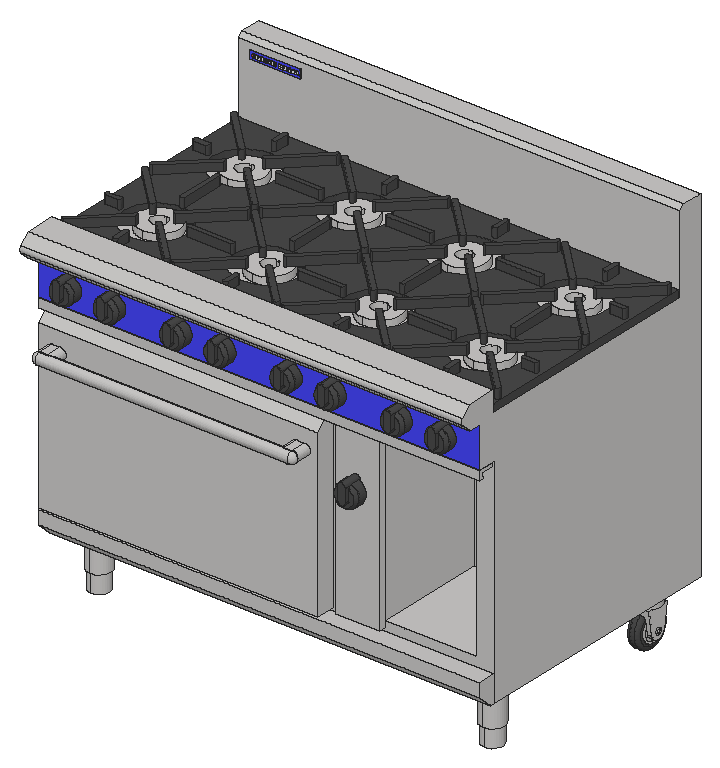
Revit family "QF_MOFFAT_BLUESEAL_CE_G58D", category Specialty Equipment, Revit 2012 (continued)
Lines and regions (mm)
  Split face 1
    outline origin (1200, 0, 1085) x (-1, 0, 0) y (0, -1, 0)
      loop
        arc (935.206, 45.185) -> (926.545, 40.185) -> (926.545, 30.185) r 10
        line (926.545, 30.185) -> (930.587, 23.185)
        arc (930.587, 23.185) -> (934.247, 19.525) -> (939.247, 18.185) r 10
        line (939.247, 18.185) -> (1167.206, 18.185)
        arc (1167.206, 18.185) -> (1175.866, 23.185) -> (1175.866, 33.185) r 10
        line (1175.866, 33.185) -> (1171.824, 40.185)
        arc (1171.824, 40.185) -> (1168.164, 43.845) -> (1163.164, 45.185) r 10
        line (1163.164, 45.185) -> (935.206, 45.185)
  Split face 2
    outline origin (1200, 0, 1085) x (-1, 0, 0) y (0, -1, 0)
      loop
        arc (635.206, 45.185) -> (626.545, 40.185) -> (626.545, 30.185) r 10
        line (626.545, 30.185) -> (630.587, 23.185)
        arc (630.587, 23.185) -> (634.247, 19.525) -> (639.247, 18.185) r 10
        line (639.247, 18.185) -> (867.206, 18.185)
        arc (867.206, 18.185) -> (875.866, 23.185) -> (875.866, 33.185) r 10
        line (875.866, 33.185) -> (871.824, 40.185)
        arc (871.824, 40.185) -> (868.164, 43.845) -> (863.164, 45.185) r 10
        line (863.164, 45.185) -> (635.206, 45.185)
  Split face 3
    outline origin (1200, 0, 1085) x (-1, 0, 0) y (0, -1, 0)
      loop
        arc (335.206, 45.185) -> (326.545, 40.185) -> (326.545, 30.185) r 10
        line (326.545, 30.185) -> (330.587, 23.185)
        arc (330.587, 23.185) -> (334.247, 19.525) -> (339.247, 18.185) r 10
        line (339.247, 18.185) -> (567.206, 18.185)
        arc (567.206, 18.185) -> (575.866, 23.185) -> (575.866, 33.185) r 10
        line (575.866, 33.185) -> (571.824, 40.185)
        arc (571.824, 40.185) -> (568.164, 43.845) -> (563.164, 45.185) r 10
        line (563.164, 45.185) -> (335.206, 45.185)
  Split face 4
    outline origin (1200, 0, 1085) x (-1, 0, 0) y (0, -1, 0)
      loop
        arc (35.206, 45.185) -> (26.545, 40.185) -> (26.545, 30.185) r 10
        line (26.545, 30.185) -> (30.587, 23.185)
        arc (30.587, 23.185) -> (34.247, 19.525) -> (39.247, 18.185) r 10
        line (39.247, 18.185) -> (267.206, 18.185)
        arc (267.206, 18.185) -> (275.866, 23.185) -> (275.866, 33.185) r 10
        line (275.866, 33.185) -> (271.824, 40.185)
        arc (271.824, 40.185) -> (268.164, 43.845) -> (263.164, 45.185) r 10
        line (263.164, 45.185) -> (35.206, 45.185)
  symbolic lines
    curve 1: line (0, 0, 0) -> (0, -812, 0)
    curve 2: line (1200, 0, 0) -> (0, 0, 0)
    curve 3: line (1200, -812, 0) -> (1200, 0, 0)
    curve 4: line (0, -70, 0) -> (1200, -70, 0)
    curve 5: line (1200, -812, 0) -> (0, -812, 0)
    curve 6: line (1200, -708.3, 0) -> (0, -708.3, 0)
    curve 7: line (0, -705, 0) -> (1200, -705, 0)
    curve 8: line (1200, -72.734, 0) -> (0, -72.734, 0)
    curve 9: arc (22.65, -812, 0) -> (34.104, -822.278, 0) -> (48.889, -826.544, 0) r 34.455
    curve 10: line (48.889, -826.544, 0) -> (718.108, -826.544, 0)
    curve 11: arc (718.108, -826.544, 0) -> (732.653, -822.647, 0) -> (743.3, -812, 0) r 29.089
    curve 12: line (6.08, -94.387, 0) -> (121.515, -209.822, 0)
    curve 13: line (293.92, -94.387, 0) -> (178.485, -209.822, 0)
    curve 14: line (6.83, -379.864, 0) -> (121.515, -265.178, 0)
    curve 15: line (292.516, -379.21, 0) -> (178.485, -265.178, 0)
    curve 16: line (362.78, -237.81, 0) -> (237.78, -237.81, 0)
    curve 17: line (362.78, -537.81, 0) -> (237.78, -537.81, 0)
    curve 18: line (6.08, -398.155, 0) -> (121.515, -510.089, 0)
    curve 19: line (293.92, -398.155, 0) -> (178.485, -510.089, 0)
    curve 20: line (9.883, -677.078, 0) -> (121.515, -565.446, 0)
    curve 21: line (291.622, -678.583, 0) -> (178.485, -565.446, 0)
    curve 22: arc (150, -294.5, 0) -> (207, -237.5, 0) -> (150, -180.5, 0) r 57
    curve 23: arc (150, -180.5, 0) -> (93, -237.5, 0) -> (150, -294.5, 0) r 57
    curve 24: arc (150, -594.5, 0) -> (207, -537.5, 0) -> (150, -480.5, 0) r 57
    curve 25: arc (150, -480.5, 0) -> (93, -537.5, 0) -> (150, -594.5, 0) r 57
    curve 26: line (306.08, -94.387, 0) -> (421.515, -209.822, 0)
    curve 27: line (593.92, -94.387, 0) -> (478.485, -209.822, 0)
    curve 28: line (307.269, -379.424, 0) -> (421.515, -265.178, 0)
    curve 29: line (592.673, -379.366, 0) -> (478.485, -265.178, 0)
    curve 30: line (662.78, -237.81, 0) -> (537.78, -237.81, 0)
    curve 31: arc (450, -294.5, 0) -> (507, -237.5, 0) -> (450, -180.5, 0) r 57
    curve 32: arc (450, -180.5, 0) -> (393, -237.5, 0) -> (450, -294.5, 0) r 57
    curve 33: arc (750, -294.5, 0) -> (807, -237.5, 0) -> (750, -180.5, 0) r 57
    curve 34: arc (750, -180.5, 0) -> (693, -237.5, 0) -> (750, -294.5, 0) r 57
    curve 35: arc (1050, -294.5, 0) -> (1107, -237.5, 0) -> (1050, -180.5, 0) r 57
    curve 36: arc (1050, -180.5, 0) -> (993, -237.5, 0) -> (1050, -294.5, 0) r 57
    curve 37: line (606.08, -94.387, 0) -> (721.515, -209.822, 0)
    curve 38: line (893.92, -94.387, 0) -> (778.485, -209.822, 0)
    curve 39: line (607.348, -379.345, 0) -> (721.515, -265.178, 0)
    curve 40: line (893.92, -380.613, 0) -> (778.485, -265.178, 0)
    curve 41: line (962.78, -237.81, 0) -> (837.78, -237.81, 0)
    curve 42: line (906.08, -94.387, 0) -> (1021.515, -209.822, 0)
    curve 43: line (1193.92, -94.387, 0) -> (1078.485, -209.822, 0)
    curve 44: line (906.08, -380.613, 0) -> (1021.515, -265.178, 0)
    curve 45: line (1193.125, -379.818, 0) -> (1078.485, -265.178, 0)
    curve 46: line (906.08, -397.887, 0) -> (1021.392, -513.199, 0)
    curve 47: line (1193.92, -397.887, 0) -> (1079.019, -512.788, 0)
    curve 48: line (906.697, -679.996, 0) -> (1021.515, -565.178, 0)
    curve 49: line (1191.622, -678.316, 0) -> (1078.485, -565.178, 0)
    curve 50: line (306.08, -398.155, 0) -> (421.515, -510.089, 0)
    curve 51: line (593.92, -398.155, 0) -> (478.485, -510.089, 0)
    curve 52: line (308.378, -678.583, 0) -> (421.515, -565.446, 0)
    curve 53: line (593.555, -680.516, 0) -> (478.485, -565.446, 0)
    curve 54: line (606.08, -398.155, 0) -> (721.515, -510.089, 0)
    curve 55: line (893.92, -398.155, 0) -> (778.485, -510.089, 0)
    curve 56: line (607.19, -679.771, 0) -> (721.515, -565.446, 0)
    curve 57: line (893.088, -680.05, 0) -> (778.485, -565.446, 0)
    curve 58: line (149.618, -450.258, 0) -> (149.618, -325.258, 0)
    curve 59: line (449.618, -450.258, 0) -> (449.618, -325.258, 0)
    curve 60: line (749.618, -450.258, 0) -> (749.618, -325.258, 0)
    curve 61: line (1049.618, -450.258, 0) -> (1049.618, -325.258, 0)
    curve 62: line (662.78, -537.81, 0) -> (537.78, -537.81, 0)
    curve 63: line (962.78, -537.81, 0) -> (837.78, -537.81, 0)
    curve 64: line (149.197, -139.807, 0) -> (149.197, -94.807, 0)
    curve 65: line (149.197, -674.807, 0) -> (149.197, -634.807, 0)
    curve 66: line (449.197, -139.807, 0) -> (449.197, -94.807, 0)
    curve 67: line (449.197, -674.807, 0) -> (449.197, -634.807, 0)
    curve 68: line (749.197, -139.807, 0) -> (749.197, -94.807, 0)
    curve 69: line (749.197, -674.807, 0) -> (749.197, -634.807, 0)
    curve 70: line (1049.197, -139.807, 0) -> (1049.197, -94.807, 0)
    curve 71: line (1049.197, -674.807, 0) -> (1049.197, -634.807, 0)
    curve 72: line (49.678, -236.51, 0) -> (14.678, -236.51, 0)
    curve 73: line (49.678, -536.51, 0) -> (14.678, -536.51, 0)
    curve 74: arc (450, -594.5, 0) -> (507, -537.5, 0) -> (450, -480.5, 0) r 57
    curve 75: arc (450, -480.5, 0) -> (393, -537.5, 0) -> (450, -594.5, 0) r 57
    curve 76: arc (750, -480.5, 0) -> (693, -537.5, 0) -> (750, -594.5, 0) r 57
    curve 77: arc (750, -594.5, 0) -> (807, -537.5, 0) -> (750, -480.5, 0) r 57
    curve 78: arc (1050, -480.5, 0) -> (993, -537.5, 0) -> (1050, -594.5, 0) r 57
    curve 79: arc (1050, -594.5, 0) -> (1107, -537.5, 0) -> (1050, -480.5, 0) r 57
    curve 80: line (1150.322, -236.51, 0) -> (1185.322, -236.51, 0)
    curve 81: line (1150.322, -536.51, 0) -> (1185.322, -536.51, 0)
    curve 85: arc (150, -322.5, 0) -> (65, -237.5, 0) -> (150, -152.5, 0) r 85
    curve 86: arc (150, -152.5, 0) -> (235, -237.5, 0) -> (150, -322.5, 0) r 85
    curve 87: arc (450, -322.5, 0) -> (365, -237.5, 0) -> (450, -152.5, 0) r 85
    curve 88: arc (450, -152.5, 0) -> (535, -237.5, 0) -> (450, -322.5, 0) r 85
    curve 89: arc (150, -452.768, 0) -> (235, -537.768, 0) -> (150, -622.768, 0) r 85
    curve 90: arc (150, -622.768, 0) -> (65, -537.768, 0) -> (150, -452.768, 0) r 85
    curve 91: arc (450, -622.768, 0) -> (365, -537.768, 0) -> (450, -452.768, 0) r 85
    curve 92: arc (450, -452.768, 0) -> (535, -537.768, 0) -> (450, -622.768, 0) r 85
    curve 93: arc (750, -322.5, 0) -> (665, -237.5, 0) -> (750, -152.5, 0) r 85
    curve 94: arc (750, -152.5, 0) -> (835, -237.5, 0) -> (750, -322.5, 0) r 85
    curve 95: arc (1050, -322.5, 0) -> (965, -237.5, 0) -> (1050, -152.5, 0) r 85
    curve 96: arc (1050, -152.5, 0) -> (1135, -237.5, 0) -> (1050, -322.5, 0) r 85
    curve 97: arc (750, -452.768, 0) -> (835, -537.768, 0) -> (750, -622.768, 0) r 85
    curve 98: arc (750, -622.768, 0) -> (665, -537.768, 0) -> (750, -452.768, 0) r 85
    curve 99: arc (1050, -622.768, 0) -> (965, -537.768, 0) -> (1050, -452.768, 0) r 85
    curve 100: arc (1050, -452.768, 0) -> (1135, -537.768, 0) -> (1050, -622.768, 0) r 85
    curve 101: line (300.232, -72.734, 0) -> (300.232, -705, 0)
    curve 102: line (0, -390.308, 0) -> (1200, -390.308, 0)
    curve 103: line (600, -72.734, 0) -> (600, -705, 0)
    curve 104: line (900, -72.734, 0) -> (900, -705, 0)
    curve 105: arc (150, -215.5, 0) -> (172, -237.5, 0) -> (150, -259.5, 0) r 22
    curve 106: arc (150, -259.5, 0) -> (128, -237.5, 0) -> (150, -215.5, 0) r 22
    curve 107: arc (450, -215.5, 0) -> (472, -237.5, 0) -> (450, -259.5, 0) r 22
    curve 108: arc (450, -259.5, 0) -> (428, -237.5, 0) -> (450, -215.5, 0) r 22
    curve 109: arc (750, -215.5, 0) -> (772, -237.5, 0) -> (750, -259.5, 0) r 22
    curve 110: arc (750, -259.5, 0) -> (728, -237.5, 0) -> (750, -215.5, 0) r 22
    curve 111: arc (1050, -259.5, 0) -> (1028, -237.5, 0) -> (1050, -215.5, 0) r 22
    curve 112: arc (1050, -215.5, 0) -> (1072, -237.5, 0) -> (1050, -259.5, 0) r 22
    curve 113: arc (150, -515.5, 0) -> (172, -537.5, 0) -> (150, -559.5, 0) r 22
    curve 114: arc (150, -559.5, 0) -> (128, -537.5, 0) -> (150, -515.5, 0) r 22
    curve 115: arc (450, -515.5, 0) -> (472, -537.5, 0) -> (450, -559.5, 0) r 22
    curve 116: arc (450, -559.5, 0) -> (428, -537.5, 0) -> (450, -515.5, 0) r 22
    curve 117: arc (750, -515.5, 0) -> (772, -537.5, 0) -> (750, -559.5, 0) r 22
    curve 118: arc (750, -559.5, 0) -> (728, -537.5, 0) -> (750, -515.5, 0) r 22
    curve 119: arc (1050, -515.5, 0) -> (1072, -537.5, 0) -> (1050, -559.5, 0) r 22
    curve 120: arc (1050, -559.5, 0) -> (1028, -537.5, 0) -> (1050, -515.5, 0) r 22
    curve 121: line (1160.753, -18.185, 0) -> (932.794, -18.185, 0)
    curve 122: arc (932.794, -18.185, 0) -> (924.134, -23.185, 0) -> (924.134, -33.185, 0) r 10
    curve 123: line (924.134, -33.185, 0) -> (928.176, -40.185, 0)
    curve 124: arc (928.176, -40.185, 0) -> (931.836, -43.845, 0) -> (936.836, -45.185, 0) r 10
    curve 125: line (936.836, -45.185, 0) -> (1164.794, -45.185, 0)
    curve 126: arc (1164.794, -45.185, 0) -> (1173.455, -40.185, 0) -> (1173.455, -30.185, 0) r 10
    curve 127: line (1173.455, -30.185, 0) -> (1169.413, -23.185, 0)
    curve 128: arc (1169.413, -23.185, 0) -> (1165.753, -19.525, 0) -> (1160.753, -18.185, 0) r 10
    curve 129: line (632.794, -18.185, 0) -> (860.753, -18.185, 0)
    curve 130: arc (860.753, -18.185, 0) -> (865.753, -19.525, 0) -> (869.413, -23.185, 0) r 10
    curve 131: line (869.413, -23.185, 0) -> (873.455, -30.185, 0)
    curve 132: arc (873.455, -30.185, 0) -> (873.455, -40.185, 0) -> (864.794, -45.185, 0) r 10
    curve 133: line (864.794, -45.185, 0) -> (636.836, -45.185, 0)
    curve 134: arc (636.836, -45.185, 0) -> (631.836, -43.845, 0) -> (628.176, -40.185, 0) r 10
    curve 135: line (628.176, -40.185, 0) -> (624.134, -33.185, 0)
    curve 136: arc (624.134, -33.185, 0) -> (624.134, -23.185, 0) -> (632.794, -18.185, 0) r 10
    curve 137: line (332.794, -18.185, 0) -> (560.753, -18.185, 0)
    curve 138: arc (560.753, -18.185, 0) -> (565.753, -19.525, 0) -> (569.413, -23.185, 0) r 10
    curve 139: line (569.413, -23.185, 0) -> (573.455, -30.185, 0)
    curve 140: arc (573.455, -30.185, 0) -> (573.455, -40.185, 0) -> (564.794, -45.185, 0) r 10
    curve 141: line (564.794, -45.185, 0) -> (336.836, -45.185, 0)
    curve 142: arc (336.836, -45.185, 0) -> (331.836, -43.845, 0) -> (328.176, -40.185, 0) r 10
    curve 143: line (328.176, -40.185, 0) -> (324.134, -33.185, 0)
    curve 144: arc (324.134, -33.185, 0) -> (324.134, -23.185, 0) -> (332.794, -18.185, 0) r 10
    curve 145: line (260.753, -18.185, 0) -> (32.794, -18.185, 0)
    curve 146: arc (32.794, -18.185, 0) -> (24.134, -23.185, 0) -> (24.134, -33.185, 0) r 10
    curve 147: line (24.134, -33.185, 0) -> (28.176, -40.185, 0)
    curve 148: arc (28.176, -40.185, 0) -> (31.836, -43.845, 0) -> (36.836, -45.185, 0) r 10
    curve 149: line (36.836, -45.185, 0) -> (264.794, -45.185, 0)
    curve 150: arc (264.794, -45.185, 0) -> (273.455, -40.185, 0) -> (273.455, -30.185, 0) r 10
    curve 151: line (273.455, -30.185, 0) -> (269.413, -23.185, 0)
    curve 152: arc (269.413, -23.185, 0) -> (265.753, -19.525, 0) -> (260.753, -18.185, 0) r 10
    curve 153: line (0, -57.5, 0) -> (1200, -57.5, 0)
    curve 154: line (0, -783.97, 0) -> (1200, -783.97, 0)
  symbolic lines, style "QF_Door-Drawer Clearances", visible <- "Show Clearance"
    curve 82: line (0, -1218.847, 0) -> (760, -1218.847, 0)
    curve 83: line (760, -1218.847, 0) -> (760, -812, 0)
    curve 84: line (0, -1218.847, 0) -> (0, -812, 0)
Dimensions and locks
  equal spacing: plane 3 "LEFT", plane 7 "Center Y", plane 4 "RIGHT"
  "Width": plane 3 "LEFT" to plane 4 "RIGHT"
  equal spacing: plane 5 "FRONT", plane 8 "Center X", plane 1 "BACK"
  plane 5 "FRONT" to plane 1 "BACK" = 812 mm  (x2)
  equal spacing: plane 4 "RIGHT", plane 7 "Center Y", plane 3 "LEFT"
  plane 4 "RIGHT" to plane 3 "LEFT" = 1200 mm
  "Height": plane 6 "TOP" to level
  plane 10 to plane 1 "BACK" = 574.272 mm
  plane 12 to plane 1 "BACK" = 304.972 mm  (x2)
  plane 11 to plane 3 "LEFT" = 60 mm
  plane 14 to plane 3 "LEFT" = 74 mm
  plane 9 to plane 3 "LEFT" = 280 mm
  "Depth": plane 1 "BACK" to plane 15
  plane 5 "FRONT" to plane 15 = 0 mm
  plane 6 "TOP" to plane 2 = 970 mm
  locked: plane 2 to Extrusion 1 sketch curve at 861.8
  locked: plane 2 to Extrusion 1 sketch curve at 915
  locked: plane 4 "RIGHT" to plane 16 at 65.5
  Extrusion 8 sketch curve to plane 20 = 64.8 mm
  Extrusion 33 sketch curve to plane 4 "RIGHT" = 374 mm
  Extrusion 33 sketch curve to plane 1 "BACK" = 501 mm
  plane 21 to level = 1085 mm
  Revolve 37 sketch curve to Revolve 37 sketch curve = 50.8 mm
  Revolve 41 sketch curve to Revolve 41 sketch curve = 50.8 mm
  aligned and locked: level to plane 2
  aligned and locked: curve 3 to plane 4 "RIGHT"
  aligned and locked: Extrusion 1 to plane 4 "RIGHT"
  aligned and locked: plane 16 to Revolve 4
  aligned and locked: plane 4 "RIGHT" to Extrusion 8 sketch curve
  aligned and locked: Extrusion 28 to Extrusion 2
Automatic sketch dimensions
  Extrusion 2 sketch curve to Extrusion 2 sketch curve = 24 mm  (x2)
  Extrusion 2 sketch curve to Extrusion 2 sketch curve = 50 mm
  level to Extrusion 2 sketch curve = 227.5 mm
  Extrusion 3 sketch curve to Extrusion 3 sketch curve = 15 mm
  level to Extrusion 3 sketch curve = 227.5 mm
  Revolve 4 sketch curve to level = 0 mm
  Revolve 4 sketch curve to plane 10 = 82.478 mm
  Revolve 4 sketch curve to Revolve 4 sketch curve = 4.25 mm
  Revolve 4 sketch curve to Revolve 4 sketch curve = 27.5 mm  (x2)
  level to Revolve 4 sketch curve = 50 mm
  Revolve 4 sketch curve to Revolve 4 sketch curve = 0 mm
  Revolve 4 sketch curve to Revolve 4 sketch curve = 100 mm
  Revolve 4 sketch curve to Revolve 4 sketch curve = 55 mm
  Revolve 5 sketch curve to level = 0 mm
  Revolve 5 sketch curve to plane 10 = 82.478 mm
  Revolve 5 sketch curve to Revolve 5 sketch curve = 4.25 mm
  Revolve 5 sketch curve to Revolve 5 sketch curve = 27.5 mm  (x2)
  Revolve 5 sketch curve to level = 55 mm
  Revolve 5 sketch curve to Revolve 5 sketch curve = 50 mm
  Revolve 5 sketch curve to Revolve 5 sketch curve = 0 mm
  Revolve 5 sketch curve to Revolve 5 sketch curve = 100 mm
  plane 17 to Extrusion 6 sketch curve = 0 mm
  Extrusion 6 sketch curve to plane 16 = 64.5 mm
  Revolve 10 sketch curve to plane 5 "FRONT" = 19 mm
  Revolve 10 sketch curve to Revolve 10 sketch curve = 0 mm  (x2)
  Revolve 10 sketch curve to Revolve 10 sketch curve = 11 mm
  Revolve 10 sketch curve to Revolve 10 sketch curve = 12.7 mm
  Revolve 10 sketch curve to Revolve 10 sketch curve = 23 mm
  Revolve 10 sketch curve to Revolve 10 sketch curve = 10 mm
  plane 18 to Revolve 10 sketch curve = 141.882 mm
  Revolve 10 sketch curve to Revolve 10 sketch curve = 5 mm
  Revolve 10 sketch curve to Revolve 10 sketch curve = 26.651 mm
  Revolve 10 sketch curve to Revolve 10 sketch curve = 5.849 mm
  Revolve 11 sketch curve to plane 5 "FRONT" = 19 mm
  Revolve 11 sketch curve to Revolve 11 sketch curve = 0 mm  (x2)
  Revolve 11 sketch curve to Revolve 11 sketch curve = 11 mm
  Revolve 11 sketch curve to Revolve 11 sketch curve = 12.7 mm
  Revolve 11 sketch curve to Revolve 11 sketch curve = 23 mm
  Revolve 11 sketch curve to Revolve 11 sketch curve = 10 mm
  plane 18 to Revolve 11 sketch curve = 141.882 mm
  Revolve 11 sketch curve to Revolve 11 sketch curve = 5 mm
  Revolve 11 sketch curve to Revolve 11 sketch curve = 26.651 mm
  Revolve 11 sketch curve to Revolve 11 sketch curve = 5.849 mm
  Revolve 12 sketch curve to plane 5 "FRONT" = 19 mm
  Revolve 12 sketch curve to Revolve 12 sketch curve = 0 mm  (x2)
  Revolve 12 sketch curve to Revolve 12 sketch curve = 11 mm
  Revolve 12 sketch curve to Revolve 12 sketch curve = 12.7 mm
  Revolve 12 sketch curve to Revolve 12 sketch curve = 23 mm
  Revolve 12 sketch curve to Revolve 12 sketch curve = 10 mm
  plane 18 to Revolve 12 sketch curve = 174.382 mm
  Revolve 12 sketch curve to Revolve 12 sketch curve = 5.849 mm
  Revolve 12 sketch curve to Revolve 12 sketch curve = 27.5 mm
  Revolve 12 sketch curve to Revolve 12 sketch curve = 5 mm
  Revolve 13 sketch curve to plane 5 "FRONT" = 19 mm
  Revolve 13 sketch curve to Revolve 13 sketch curve = 0 mm  (x2)
  Revolve 13 sketch curve to Revolve 13 sketch curve = 11 mm
  Revolve 13 sketch curve to Revolve 13 sketch curve = 12.7 mm
  Revolve 13 sketch curve to Revolve 13 sketch curve = 23 mm
  Revolve 13 sketch curve to Revolve 13 sketch curve = 10 mm
  plane 18 to Revolve 13 sketch curve = 174.382 mm
  Revolve 13 sketch curve to Revolve 13 sketch curve = 5.849 mm
  Revolve 13 sketch curve to Revolve 13 sketch curve = 27.5 mm
  Revolve 13 sketch curve to Revolve 13 sketch curve = 5 mm
  Revolve 14 sketch curve to plane 5 "FRONT" = 19 mm
  Revolve 14 sketch curve to Revolve 14 sketch curve = 0 mm  (x2)
  Revolve 14 sketch curve to Revolve 14 sketch curve = 11 mm
  Revolve 14 sketch curve to Revolve 14 sketch curve = 12.7 mm
  Revolve 14 sketch curve to Revolve 14 sketch curve = 23 mm
  Revolve 14 sketch curve to Revolve 14 sketch curve = 10 mm
  plane 18 to Revolve 14 sketch curve = 174.382 mm
  Revolve 14 sketch curve to Revolve 14 sketch curve = 5.849 mm
  Revolve 14 sketch curve to Revolve 14 sketch curve = 27.5 mm
  Revolve 14 sketch curve to Revolve 14 sketch curve = 5 mm
  Revolve 15 sketch curve to plane 5 "FRONT" = 19 mm
  Revolve 15 sketch curve to Revolve 15 sketch curve = 0 mm  (x2)
  Revolve 15 sketch curve to Revolve 15 sketch curve = 11 mm
  Revolve 15 sketch curve to Revolve 15 sketch curve = 12.7 mm
  Revolve 15 sketch curve to Revolve 15 sketch curve = 23 mm
  Revolve 15 sketch curve to Revolve 15 sketch curve = 10 mm
  plane 18 to Revolve 15 sketch curve = 174.382 mm
  Revolve 15 sketch curve to Revolve 15 sketch curve = 5.849 mm
  Revolve 15 sketch curve to Revolve 15 sketch curve = 27.5 mm
  Revolve 15 sketch curve to Revolve 15 sketch curve = 5 mm
  Revolve 16 sketch curve to plane 5 "FRONT" = 19 mm
  Revolve 16 sketch curve to Revolve 16 sketch curve = 0 mm  (x2)
  Revolve 16 sketch curve to Revolve 16 sketch curve = 11 mm
  Revolve 16 sketch curve to Revolve 16 sketch curve = 12.7 mm
  Revolve 16 sketch curve to Revolve 16 sketch curve = 23 mm
  Revolve 16 sketch curve to Revolve 16 sketch curve = 10 mm
  plane 18 to Revolve 16 sketch curve = 141.882 mm
  Revolve 16 sketch curve to Revolve 16 sketch curve = 5 mm
  Revolve 16 sketch curve to Revolve 16 sketch curve = 26.651 mm
  Revolve 16 sketch curve to Revolve 16 sketch curve = 5.849 mm
  Revolve 17 sketch curve to plane 5 "FRONT" = 19 mm
  Revolve 17 sketch curve to Revolve 17 sketch curve = 0 mm  (x2)
  Revolve 17 sketch curve to Revolve 17 sketch curve = 11 mm
  Revolve 17 sketch curve to Revolve 17 sketch curve = 12.7 mm
  Revolve 17 sketch curve to Revolve 17 sketch curve = 23 mm
  Revolve 17 sketch curve to Revolve 17 sketch curve = 10 mm
  plane 18 to Revolve 17 sketch curve = 141.882 mm
  Revolve 17 sketch curve to Revolve 17 sketch curve = 5 mm
  Revolve 17 sketch curve to Revolve 17 sketch curve = 26.651 mm
  Revolve 17 sketch curve to Revolve 17 sketch curve = 5.849 mm
  plane 14 to Extrusion 18 sketch curve = 26.156 mm
  plane 14 to Extrusion 18 sketch curve = 16.156 mm
  plane 18 to Extrusion 18 sketch curve = 168.882 mm
  Extrusion 18 sketch curve to Extrusion 18 sketch curve = 35 mm
  Extrusion 19 sketch curve to plane 9 = 59.844 mm
  Extrusion 19 sketch curve to Extrusion 19 sketch curve = 10 mm
  plane 18 to Extrusion 19 sketch curve = 168.882 mm
  Extrusion 19 sketch curve to Extrusion 19 sketch curve = 35 mm
  plane 9 to Extrusion 20 sketch curve = 120.132 mm
  Extrusion 20 sketch curve to Extrusion 20 sketch curve = 10 mm
  plane 18 to Extrusion 20 sketch curve = 168.882 mm
  Extrusion 20 sketch curve to Extrusion 20 sketch curve = 35 mm
  Extrusion 21 sketch curve to plane 7 "Center Y" = 79.868 mm
  Extrusion 21 sketch curve to Extrusion 21 sketch curve = 10 mm
  plane 18 to Extrusion 21 sketch curve = 168.882 mm
  Extrusion 21 sketch curve to Extrusion 21 sketch curve = 35 mm
  plane 7 "Center Y" to Extrusion 22 sketch curve = 100.108 mm
  Extrusion 22 sketch curve to Extrusion 22 sketch curve = 10 mm
  plane 18 to Extrusion 22 sketch curve = 168.882 mm
  Extrusion 22 sketch curve to Extrusion 22 sketch curve = 35 mm
  plane 7 "Center Y" to Extrusion 23 sketch curve = 220.108 mm
  Extrusion 23 sketch curve to Extrusion 23 sketch curve = 10 mm
  plane 18 to Extrusion 23 sketch curve = 168.882 mm
  Extrusion 23 sketch curve to Extrusion 23 sketch curve = 35 mm
  Extrusion 24 sketch curve to plane 16 = 134.417 mm
  Extrusion 24 sketch curve to Extrusion 24 sketch curve = 10 mm
  plane 18 to Extrusion 24 sketch curve = 168.882 mm
  Extrusion 24 sketch curve to Extrusion 24 sketch curve = 35 mm
  Extrusion 25 sketch curve to plane 16 = 14.417 mm
  Extrusion 25 sketch curve to Extrusion 25 sketch curve = 10 mm
  plane 18 to Extrusion 25 sketch curve = 168.882 mm
  Extrusion 25 sketch curve to Extrusion 25 sketch curve = 35 mm
  Revolve 26 sketch curve to plane 5 "FRONT" = 54.5 mm
  Revolve 26 sketch curve to Revolve 26 sketch curve = 0 mm  (x2)
  Revolve 26 sketch curve to Revolve 26 sketch curve = 11 mm
  Revolve 26 sketch curve to Revolve 26 sketch curve = 12.7 mm
  Revolve 26 sketch curve to Revolve 26 sketch curve = 23 mm
  Revolve 26 sketch curve to Revolve 26 sketch curve = 10 mm
  Revolve 26 sketch curve to plane 18 = 104.368 mm
  Revolve 26 sketch curve to Revolve 26 sketch curve = 5 mm
  Revolve 26 sketch curve to Revolve 26 sketch curve = 26.651 mm
  Revolve 26 sketch curve to Revolve 26 sketch curve = 5.849 mm
  plane 7 "Center Y" to Extrusion 27 sketch curve = 227.344 mm
  Extrusion 27 sketch curve to Extrusion 27 sketch curve = 10 mm
  Extrusion 27 sketch curve to plane 18 = 112.368 mm
  Extrusion 27 sketch curve to Extrusion 27 sketch curve = 35 mm
  Extrusion 7 sketch curve to Extrusion 1 = 50 mm
  Extrusion 1 to Extrusion 7 sketch curve = 60.219 mm
  Extrusion 1 to Extrusion 7 sketch curve = 96 mm
  Extrusion 7 sketch curve to Extrusion 7 sketch curve = 250 mm
  Extrusion 9 sketch curve to plane 17 = 61.602 mm  (x5)
  Extrusion 9 sketch curve to Extrusion 9 sketch curve = 0 mm  (x23)
  plane 3 "LEFT" to Extrusion 9 sketch curve = 15.153 mm
  Extrusion 9 sketch curve to plane 7 "Center Y" = 15.153 mm  (x2)
  plane 7 "Center Y" to Extrusion 9 sketch curve = 15.153 mm
  plane 4 "RIGHT" to Extrusion 9 sketch curve = 15.153 mm  (x2)
  plane 9 to Extrusion 9 sketch curve = 4.847 mm  (x3)
  Extrusion 9 sketch curve to Extrusion 9 sketch curve = 4.525 mm  (x48)
  Extrusion 9 sketch curve to plane 17 = 67.398 mm  (x4)
  Extrusion 9 sketch curve to Extrusion 9 sketch curve = 36.204 mm  (x8)
  Extrusion 9 sketch curve to Extrusion 9 sketch curve = 65.923 mm  (x4)
  plane 3 "LEFT" to Extrusion 9 sketch curve = 16.591 mm  (x2)
  plane 12 to Extrusion 9 sketch curve = 74.863 mm  (x2)
  plane 4 "RIGHT" to Extrusion 9 sketch curve = 15.648 mm  (x2)
  Extrusion 9 sketch curve to Extrusion 9 sketch curve = 20.524 mm  (x13)
  Extrusion 9 sketch curve to Extrusion 9 sketch curve = 6.4 mm  (x22)
  plane 12 to Extrusion 9 sketch curve = 40.548 mm  (x8)
  Extrusion 9 sketch curve to plane 12 = 24.426 mm  (x4)
  Extrusion 9 sketch curve to plane 13 = 7.374 mm  (x8)
  plane 8 "Center X" to Extrusion 9 sketch curve = 8.898 mm  (x8)
  plane 8 "Center X" to Extrusion 9 sketch curve = 4.372 mm  (x8)
  Extrusion 9 sketch curve to plane 8 "Center X" = 43.102 mm  (x4)
  Extrusion 9 sketch curve to Extrusion 9 sketch curve = 55.923 mm  (x12)
  plane 10 to Extrusion 9 sketch curve = 43.646 mm  (x2)
  Extrusion 9 sketch curve to plane 11 = 9.416 mm  (x2)
  plane 10 to Extrusion 9 sketch curve = 43.172 mm  (x3)
  plane 10 to Extrusion 9 sketch curve = 9.848 mm  (x8)
  plane 10 to Extrusion 9 sketch curve = 5.323 mm  (x8)
  Extrusion 9 sketch curve to plane 10 = 65.126 mm  (x4)
  plane 9 to Extrusion 9 sketch curve = 13.898 mm
  Extrusion 9 sketch curve to plane 10 = 98.074 mm  (x5)
  plane 7 "Center Y" to Extrusion 9 sketch curve = 6.102 mm  (x3)
  plane 4 "RIGHT" to Extrusion 9 sketch curve = 6.102 mm
  plane 9 to Extrusion 9 sketch curve = 26.102 mm
  Extrusion 9 sketch curve to plane 7 "Center Y" = 6.102 mm
  plane 3 "LEFT" to Extrusion 9 sketch curve = 6.102 mm  (x3)
  plane 14 to Extrusion 9 sketch curve = 40.025 mm  (x4)
  plane 14 to Extrusion 9 sketch curve = 69.6 mm
  Extrusion 9 sketch curve to Extrusion 9 sketch curve = 53.847 mm  (x16)
  Extrusion 9 sketch curve to plane 9 = 38.102 mm  (x2)
  Extrusion 9 sketch curve to Extrusion 9 sketch curve = 12.205 mm  (x7)
  plane 9 to Extrusion 9 sketch curve = 78.102 mm  (x2)
  Extrusion 9 sketch curve to plane 7 "Center Y" = 58.102 mm  (x2)
  plane 7 "Center Y" to Extrusion 9 sketch curve = 58.102 mm  (x2)
  Extrusion 9 sketch curve to Extrusion 9 sketch curve = 128.447 mm  (x3)
  Extrusion 9 sketch curve to Extrusion 9 sketch curve = 116.204 mm  (x2)
  Extrusion 9 sketch curve to plane 16 = 90.9 mm
  plane 16 to Extrusion 9 sketch curve = 15.859 mm  (x2)
  Extrusion 28 sketch curve to Extrusion 2 = 0 mm  (x2)
  Extrusion 28 sketch curve to Extrusion 28 sketch curve = 469.847 mm
  Extrusion 29 sketch curve to plane 16 = 0.512 mm
  Extrusion 29 sketch curve to Extrusion 29 sketch curve = 81 mm
  Extrusion 29 sketch curve to plane 17 = 6.76 mm
  Extrusion 29 sketch curve to Extrusion 29 sketch curve = 48.5 mm
  Extrusion 29 sketch curve to plane 1 "BACK" = 30.24 mm
  Extrusion 29 sketch curve to plane 17 = 55.26 mm
  Extrusion 3 sketch curve to plane 5 "FRONT" = 98 mm
  plane 18 to Extrusion 3 sketch curve = 45 mm
  Extrusion 30 sketch curve to plane 11 = 1.472 mm
  Extrusion 30 sketch curve to plane 18 = 46.875 mm  (x2)
  Extrusion 30 sketch curve to Extrusion 30 sketch curve = 15 mm  (x2)
  plane 7 "Center Y" to Extrusion 30 sketch curve = 102.757 mm
  Extrusion 30 sketch curve to Extrusion 30 sketch curve = 20.282 mm  (x2)
  Revolve 31 sketch curve to plane 3 "LEFT" = 6.961 mm
  plane 3 "LEFT" to Revolve 31 sketch curve = 23.246 mm
  Revolve 31 sketch curve to plane 18 = 16.875 mm
  Revolve 31 sketch curve to Revolve 31 sketch curve = 15 mm
  Revolve 31 sketch curve to plane 7 "Center Y" = 11.961 mm
  plane 7 "Center Y" to Revolve 31 sketch curve = 123.039 mm
  Revolve 31 sketch curve to Revolve 31 sketch curve = 0 mm
  Extrusion 32 sketch curve to Extrusion 32 sketch curve = 0 mm  (x17)
  Extrusion 1 to Extrusion 32 sketch curve = 167.5 mm  (x4)
  Extrusion 32 sketch curve to Extrusion 1 = 178.5 mm  (x4)
  Extrusion 1 to Extrusion 32 sketch curve = 150 mm  (x4)
  Extrusion 32 sketch curve to Extrusion 32 sketch curve = 300 mm  (x3)
  curve 22 to curve 106 = 0 mm
  curve 23 to curve 85 = 0 mm
  curve 23 to curve 86 = 0 mm
  curve 24 to curve 113 = 0 mm
  curve 24 to curve 114 = 0 mm
  curve 31 to curve 107 = 0 mm
  curve 32 to curve 88 = 0 mm  (x2)
  curve 33 to curve 93 = 0 mm
  curve 34 to curve 94 = 0 mm
  curve 34 to curve 109 = 0 mm
  curve 35 to curve 95 = 0 mm
  curve 36 to curve 95 = 0 mm
  curve 36 to curve 111 = 0 mm
  curve 75 to curve 116 = 0 mm  (x2)
  curve 77 to curve 117 = 0 mm
  curve 77 to curve 118 = 0 mm
  curve 78 to curve 119 = 0 mm
  curve 79 to curve 120 = 0 mm
  curve 85 to curve 106 = 0 mm
  curve 87 to curve 108 = 0 mm
  curve 94 to curve 110 = 0 mm
  curve 95 to curve 112 = 0 mm
  plane 1 "BACK" to curve 1 = 0 mm
  curve 1 to plane 3 "LEFT" = 0 mm
  plane 5 "FRONT" to curve 9 = 0 mm
  plane 22 to curve 101 = 0 mm
  curve 103 to plane 7 "Center Y" = 0 mm
  plane 3 "LEFT" to curve 12 = 6.08 mm
  plane 3 "LEFT" to curve 18 = 6.08 mm
  plane 3 "LEFT" to curve 14 = 6.83 mm
  plane 3 "LEFT" to curve 20 = 9.883 mm
  plane 3 "LEFT" to curve 73 = 14.678 mm
  plane 3 "LEFT" to curve 72 = 14.678 mm
  plane 3 "LEFT" to curve 9 = 22.65 mm
  curve 10 to plane 11 = 11.111 mm
  curve 72 to plane 11 = 10.322 mm
  curve 73 to plane 11 = 10.322 mm
  curve 9 to plane 11 = 9.192 mm
  plane 14 to curve 12 = 47.515 mm
  plane 14 to curve 18 = 47.515 mm
  plane 14 to curve 14 = 47.515 mm
  plane 10 to curve 20 = 8.826 mm
  plane 14 to curve 20 = 47.515 mm
  curve 65 to plane 22 = 30.193 mm
  plane 14 to curve 65 = 75.197 mm
  plane 14 to curve 64 = 75.197 mm
  curve 18 to curve 58 = 28.103 mm
  plane 10 to curve 113 = 14.772 mm
  curve 20 to curve 113 = 28.485 mm
  curve 12 to curve 105 = 28.485 mm
  curve 58 to curve 90 = 0.382 mm
  plane 12 to curve 15 = 39.794 mm
  curve 105 to curve 15 = 28.485 mm
  curve 105 to curve 13 = 28.485 mm
  curve 113 to curve 19 = 28.485 mm
  plane 10 to curve 21 = 8.826 mm
  curve 114 to curve 21 = 28.485 mm
  curve 17 to plane 9 = 42.22 mm
  curve 16 to plane 9 = 42.22 mm
  plane 9 to curve 21 = 11.622 mm
  plane 9 to curve 15 = 12.516 mm
  plane 9 to curve 19 = 13.92 mm
  plane 9 to curve 13 = 13.92 mm
  plane 9 to curve 101 = 20.232 mm
  curve 13 to curve 26 = 12.16 mm
  plane 8 "Center X" to curve 50 = 7.845 mm
  curve 19 to curve 50 = 12.16 mm
  curve 15 to curve 28 = 14.753 mm
  curve 21 to curve 52 = 16.756 mm
  plane 9 to curve 16 = 82.78 mm
  plane 10 to curve 17 = 36.462 mm
  plane 9 to curve 17 = 82.78 mm
  plane 10 to curve 52 = 8.826 mm
  curve 17 to curve 52 = 58.735 mm
  curve 16 to curve 26 = 58.735 mm
  plane 12 to curve 28 = 39.794 mm
  curve 28 to curve 26 = 0 mm
  plane 10 to curve 50 = 64.183 mm
  curve 50 to curve 52 = 0 mm
  curve 26 to curve 66 = 27.682 mm
  curve 52 to curve 67 = 27.682 mm
  curve 59 to plane 12 = 20.285 mm
  curve 28 to curve 59 = 28.103 mm
  plane 10 to curve 115 = 14.772 mm
  curve 52 to curve 115 = 28.485 mm
  curve 26 to curve 108 = 28.485 mm
  curve 67 to curve 92 = 0.803 mm
  curve 115 to curve 51 = 28.485 mm
  plane 10 to curve 53 = 8.826 mm
  curve 115 to curve 53 = 28.485 mm
  plane 12 to curve 29 = 39.794 mm
  curve 107 to curve 29 = 28.485 mm
  curve 108 to curve 27 = 28.485 mm
  curve 62 to plane 7 "Center Y" = 62.22 mm
  curve 30 to plane 7 "Center Y" = 62.22 mm
  curve 29 to plane 7 "Center Y" = 7.327 mm
  curve 53 to plane 7 "Center Y" = 6.445 mm
  curve 27 to plane 7 "Center Y" = 6.08 mm
  curve 51 to plane 7 "Center Y" = 6.08 mm
  plane 7 "Center Y" to curve 37 = 6.08 mm
  plane 7 "Center Y" to curve 54 = 6.08 mm
  plane 7 "Center Y" to curve 56 = 7.19 mm
  plane 7 "Center Y" to curve 39 = 7.348 mm
  plane 7 "Center Y" to curve 30 = 62.78 mm
  plane 7 "Center Y" to curve 62 = 62.78 mm
  curve 11 to plane 5 "FRONT" = 14.544 mm
  plane 7 "Center Y" to curve 11 = 118.108 mm
  plane 10 to curve 56 = 8.826 mm
  curve 62 to curve 56 = 58.735 mm
  curve 54 to curve 56 = 0 mm
  plane 12 to curve 39 = 39.794 mm
  curve 30 to curve 39 = 58.735 mm
  curve 37 to curve 39 = 0 mm
  curve 11 to curve 11 = 25.191 mm
  curve 56 to curve 69 = 27.682 mm
  curve 37 to curve 68 = 27.682 mm
  curve 54 to curve 60 = 28.103 mm
  curve 54 to curve 77 = 28.485 mm
  curve 60 to curve 98 = 0.382 mm
  curve 39 to curve 109 = 28.485 mm
  plane 7 "Center Y" to curve 82 = 160 mm
  plane 10 to curve 55 = 64.183 mm
  curve 118 to curve 55 = 28.485 mm
  plane 12 to curve 40 = 39.794 mm
  curve 109 to curve 40 = 28.485 mm
  curve 109 to curve 38 = 28.485 mm
  plane 10 to curve 57 = 8.826 mm
  curve 118 to curve 57 = 28.485 mm
  curve 57 to curve 63 = 59.295 mm
  curve 40 to curve 41 = 59.295 mm
  curve 57 to plane 22 = 24.95 mm
  curve 69 to curve 57 = 143.891 mm
  plane 8 "Center X" to curve 55 = 7.845 mm
  curve 63 to curve 55 = 56.14 mm
  curve 40 to plane 13 = 15.641 mm
  curve 40 to curve 55 = 0 mm
  curve 38 to plane 17 = 62.387 mm
  curve 68 to curve 38 = 144.723 mm
  curve 38 to curve 104 = 6.08 mm
  curve 42 to plane 17 = 62.387 mm
  curve 38 to curve 42 = 12.16 mm
  curve 44 to plane 13 = 15.641 mm
  curve 40 to curve 44 = 12.16 mm
  plane 8 "Center X" to curve 46 = 8.113 mm
  curve 55 to curve 46 = 12.16 mm
  curve 48 to plane 22 = 25.004 mm
  curve 57 to curve 48 = 13.609 mm
  curve 41 to curve 41 = 125 mm
  plane 10 to curve 63 = 36.462 mm
  curve 63 to curve 63 = 125 mm
  curve 63 to curve 46 = 58.612 mm
  plane 10 to curve 48 = 9.094 mm
  curve 46 to curve 48 = 0.123 mm
  curve 41 to curve 42 = 58.735 mm
  plane 12 to curve 44 = 39.794 mm
  curve 44 to curve 42 = 0 mm
  curve 71 to plane 22 = 30.193 mm
  curve 71 to plane 16 = 85.303 mm
  curve 42 to curve 70 = 27.682 mm
  curve 61 to plane 12 = 20.285 mm
  curve 44 to curve 61 = 28.103 mm
  curve 71 to curve 100 = 0.803 mm
  curve 78 to curve 99 = 0 mm
  curve 61 to curve 96 = 0.382 mm
  curve 111 to curve 43 = 28.485 mm
  plane 10 to curve 49 = 9.094 mm
  curve 119 to curve 49 = 28.485 mm
  curve 111 to curve 45 = 28.485 mm
  curve 119 to curve 47 = 29.019 mm
  plane 16 to curve 80 = 15.822 mm
  plane 16 to curve 81 = 15.822 mm
  plane 4 "RIGHT" to curve 80 = 14.678 mm
  plane 4 "RIGHT" to curve 81 = 14.678 mm
  plane 4 "RIGHT" to curve 49 = 8.378 mm
  plane 4 "RIGHT" to curve 45 = 6.875 mm
  plane 4 "RIGHT" to curve 43 = 6.08 mm
  plane 4 "RIGHT" to curve 47 = 6.08 mm
  curve 82 to curve 10 = 392.303 mm
  plane 22 to curve 6 = 3.3 mm
  curve 53 to plane 22 = 24.484 mm
  curve 53 to curve 56 = 0.745 mm
  curve 21 to plane 22 = 26.417 mm
  curve 21 to curve 52 = 0 mm
  curve 49 to plane 22 = 26.684 mm
  curve 20 to plane 22 = 27.922 mm
  curve 69 to plane 22 = 30.193 mm
  curve 67 to plane 22 = 30.193 mm
  curve 67 to curve 67 = 40 mm
  curve 69 to curve 69 = 40 mm
  curve 71 to curve 71 = 40 mm
  curve 65 to curve 65 = 40 mm
  curve 69 to curve 98 = 12.039 mm
  curve 67 to curve 92 = 12.039 mm
  curve 65 to curve 90 = 12.039 mm
  curve 71 to curve 99 = 12.039 mm
  curve 75 to plane 10 = 20.228 mm
  curve 76 to plane 10 = 20.228 mm
  curve 24 to plane 10 = 20.228 mm
  curve 78 to plane 10 = 20.228 mm
  plane 10 to curve 119 = 14.772 mm
  plane 10 to curve 117 = 14.772 mm
  plane 10 to curve 62 = 36.462 mm
  curve 119 to curve 99 = 21.732 mm
  curve 113 to curve 90 = 21.732 mm
  curve 115 to curve 92 = 21.732 mm
  curve 117 to curve 97 = 21.732 mm
  curve 91 to curve 75 = 0.268 mm
  curve 99 to curve 79 = 0.268 mm
  curve 97 to curve 76 = 0.268 mm
  curve 89 to curve 113 = 0.268 mm
  plane 10 to curve 73 = 37.763 mm
  plane 10 to curve 81 = 37.763 mm
  curve 119 to curve 46 = 2.301 mm
  curve 119 to curve 47 = 2.712 mm
  curve 113 to curve 18 = 5.411 mm
  curve 117 to curve 54 = 5.411 mm
  curve 113 to curve 19 = 5.411 mm
  curve 115 to curve 51 = 5.411 mm
  curve 99 to curve 61 = 2.51 mm
  curve 91 to curve 59 = 2.51 mm
  curve 97 to curve 60 = 2.51 mm
  curve 89 to curve 58 = 2.51 mm
  plane 8 "Center X" to curve 18 = 7.845 mm
  plane 8 "Center X" to curve 54 = 7.845 mm
  plane 8 "Center X" to curve 51 = 7.845 mm
  plane 8 "Center X" to curve 19 = 7.845 mm
  plane 8 "Center X" to curve 47 = 8.113 mm
  curve 47 to curve 102 = 7.578 mm
  curve 102 to curve 14 = 10.445 mm
  curve 102 to curve 45 = 10.49 mm
  curve 28 to plane 13 = 14.452 mm
  curve 29 to plane 13 = 14.394 mm
  curve 39 to plane 13 = 14.373 mm
  curve 15 to plane 13 = 14.238 mm
  curve 58 to plane 12 = 20.285 mm
  curve 60 to plane 12 = 20.285 mm
  curve 59 to curve 88 = 2.758 mm
  curve 61 to curve 96 = 2.758 mm
  curve 60 to curve 94 = 2.758 mm
  curve 58 to curve 86 = 2.758 mm
  plane 12 to curve 34 = 10.472 mm
  plane 12 to curve 32 = 10.472 mm
  plane 12 to curve 36 = 10.472 mm
  plane 12 to curve 22 = 10.472 mm
  plane 12 to curve 45 = 39.794 mm
  plane 12 to curve 14 = 39.794 mm
  curve 45 to curve 112 = 5.678 mm
  curve 29 to curve 108 = 5.678 mm
  curve 40 to curve 109 = 5.678 mm
  curve 15 to curve 105 = 5.678 mm
  curve 39 to curve 30 = 27.368 mm
  curve 15 to curve 16 = 27.368 mm
  curve 44 to curve 41 = 27.368 mm
  curve 108 to curve 31 = 22 mm
  curve 105 to curve 106 = 22 mm
  curve 109 to curve 93 = 22 mm
  curve 111 to curve 112 = 22 mm
  plane 12 to curve 72 = 68.463 mm
  plane 12 to curve 80 = 68.463 mm
  curve 110 to curve 37 = 5.678 mm
  curve 105 to curve 13 = 5.678 mm
  curve 108 to curve 27 = 5.678 mm
  curve 108 to curve 26 = 5.678 mm
  curve 111 to curve 42 = 5.678 mm
  curve 111 to curve 43 = 5.678 mm
  curve 109 to curve 38 = 5.678 mm
  curve 106 to curve 12 = 5.678 mm
  curve 94 to curve 68 = 12.693 mm
  curve 87 to curve 66 = 12.693 mm
  curve 85 to curve 64 = 12.693 mm
  curve 96 to curve 70 = 12.693 mm
  curve 66 to curve 66 = 45 mm
  curve 68 to curve 68 = 45 mm
  curve 70 to curve 70 = 45 mm
  curve 64 to curve 64 = 45 mm
  curve 43 to plane 17 = 62.387 mm
  curve 26 to plane 17 = 62.387 mm
  curve 13 to curve 26 = 0 mm
  curve 12 to plane 17 = 62.387 mm
  curve 27 to plane 17 = 62.387 mm
  curve 27 to curve 37 = 0 mm
  curve 37 to curve 103 = 21.653 mm
  curve 8 to curve 4 = 2.734 mm
  plane 22 to Extrusion 8 sketch curve = 0 mm
  Extrusion 8 sketch curve to plane 22 = 3 mm  (x2)
  plane 10 to Extrusion 8 sketch curve = 36.504 mm  (x4)
  plane 12 to Extrusion 8 sketch curve = 67.472 mm  (x4)
  Extrusion 8 sketch curve to plane 17 = 42 mm  (x2)
  plane 4 "RIGHT" to Extrusion 8 sketch curve = 3 mm
  plane 14 to Extrusion 8 sketch curve = 76 mm  (x2)
  Extrusion 8 sketch curve to plane 7 "Center Y" = 150 mm  (x2)
  plane 7 "Center Y" to Extrusion 8 sketch curve = 150 mm  (x2)
  Extrusion 8 sketch curve to plane 16 = 84.5 mm  (x2)
  Split face 1 sketch curve to cut or joined group of Extrusion 1, Extrusion 7, Extrusion 29 = 27.315 mm
  Split face 1 sketch curve to cut or joined group of Extrusion 1, Extrusion 7, Extrusion 29 = 926.545 mm
  Split face 1 sketch curve to cut or joined group of Extrusion 1, Extrusion 7, Extrusion 29 = 23.185 mm
  Split face 1 sketch curve to Split face 1 sketch curve = 4.041 mm  (x4)
  Split face 1 sketch curve to Split face 1 sketch curve = 8.66 mm  (x2)
  Split face 1 sketch curve to cut or joined group of Extrusion 1, Extrusion 7, Extrusion 29 = 22.315 mm
  Split face 1 sketch curve to Split face 1 sketch curve = 223.917 mm
  Split face 1 sketch curve to cut or joined group of Extrusion 1, Extrusion 7, Extrusion 29 = 17.315 mm
  Split face 1 sketch curve to Split face 1 sketch curve = 17 mm
  Split face 1 sketch curve to Split face 1 sketch curve = 7 mm
  Split face 2 sketch curve to cut or joined group of Extrusion 1, Extrusion 7, Extrusion 29 = 27.315 mm
  Split face 2 sketch curve to cut or joined group of Extrusion 1, Extrusion 7, Extrusion 29 = 626.545 mm
  Split face 2 sketch curve to cut or joined group of Extrusion 1, Extrusion 7, Extrusion 29 = 23.185 mm
  Split face 2 sketch curve to Split face 2 sketch curve = 4.041 mm  (x4)
  Split face 2 sketch curve to Split face 2 sketch curve = 8.66 mm  (x2)
  Split face 2 sketch curve to cut or joined group of Extrusion 1, Extrusion 7, Extrusion 29 = 22.315 mm
  Split face 2 sketch curve to Split face 2 sketch curve = 223.917 mm
  Split face 2 sketch curve to cut or joined group of Extrusion 1, Extrusion 7, Extrusion 29 = 17.315 mm
  Split face 2 sketch curve to Split face 2 sketch curve = 17 mm
  Split face 2 sketch curve to Split face 2 sketch curve = 7 mm
  Split face 3 sketch curve to cut or joined group of Extrusion 1, Extrusion 7, Extrusion 29 = 27.315 mm
  Split face 3 sketch curve to cut or joined group of Extrusion 1, Extrusion 7, Extrusion 29 = 326.545 mm
  Split face 3 sketch curve to cut or joined group of Extrusion 1, Extrusion 7, Extrusion 29 = 23.185 mm
  Split face 3 sketch curve to Split face 3 sketch curve = 4.041 mm  (x4)
  Split face 3 sketch curve to Split face 3 sketch curve = 8.66 mm  (x2)
  Split face 3 sketch curve to cut or joined group of Extrusion 1, Extrusion 7, Extrusion 29 = 22.315 mm
  Split face 3 sketch curve to Split face 3 sketch curve = 223.917 mm
  Split face 3 sketch curve to cut or joined group of Extrusion 1, Extrusion 7, Extrusion 29 = 17.315 mm
  Split face 3 sketch curve to Split face 3 sketch curve = 17 mm
  Split face 3 sketch curve to Split face 3 sketch curve = 7 mm
  Split face 4 sketch curve to cut or joined group of Extrusion 1, Extrusion 7, Extrusion 29 = 27.315 mm
  Split face 4 sketch curve to cut or joined group of Extrusion 1, Extrusion 7, Extrusion 29 = 26.545 mm
  Split face 4 sketch curve to cut or joined group of Extrusion 1, Extrusion 7, Extrusion 29 = 23.185 mm
  Split face 4 sketch curve to Split face 4 sketch curve = 4.041 mm  (x4)
  Split face 4 sketch curve to Split face 4 sketch curve = 8.66 mm  (x2)
  Split face 4 sketch curve to cut or joined group of Extrusion 1, Extrusion 7, Extrusion 29 = 22.315 mm
  Split face 4 sketch curve to Split face 4 sketch curve = 223.917 mm
  Split face 4 sketch curve to cut or joined group of Extrusion 1, Extrusion 7, Extrusion 29 = 17.315 mm
  Split face 4 sketch curve to Split face 4 sketch curve = 17 mm
  Split face 4 sketch curve to Split face 4 sketch curve = 7 mm
  curve 122 to plane 17 = 1.185 mm
  curve 104 to curve 122 = 24.134 mm
  curve 123 to plane 17 = 8.185 mm
  curve 123 to curve 123 = 4.041 mm
  curve 122 to curve 122 = 8.66 mm
  curve 124 to curve 124 = 8.66 mm
  plane 17 to curve 128 = 3.815 mm
  plane 16 to curve 128 = 26.253 mm
  curve 126 to plane 17 = 3.185 mm
  curve 128 to curve 126 = 4.041 mm
  plane 17 to curve 127 = 8.815 mm
  curve 128 to curve 127 = 8.66 mm
  plane 17 to curve 126 = 1.815 mm
  curve 127 to curve 126 = 4.041 mm
  curve 136 to plane 17 = 1.185 mm
  plane 7 "Center Y" to curve 136 = 24.134 mm
  curve 136 to curve 134 = 4.041 mm
  plane 17 to curve 136 = 3.815 mm
  curve 136 to curve 136 = 8.66 mm
  curve 134 to curve 134 = 8.66 mm
  curve 130 to curve 123 = 63.381 mm
  curve 132 to plane 17 = 3.185 mm
  curve 130 to curve 132 = 4.041 mm  (x2)
  plane 17 to curve 131 = 8.815 mm
  curve 130 to curve 131 = 8.66 mm
  plane 17 to curve 132 = 1.815 mm
  curve 134 to curve 136 = 7 mm
  curve 143 to plane 17 = 1.185 mm
  plane 9 to curve 143 = 44.134 mm
  curve 143 to plane 17 = 8.185 mm
  curve 143 to curve 143 = 4.041 mm
  plane 17 to curve 137 = 13.815 mm
  curve 144 to curve 137 = 8.66 mm
  curve 142 to plane 17 = 3.185 mm
  curve 144 to curve 142 = 4.041 mm
  curve 138 to plane 7 "Center Y" = 39.247 mm
  curve 138 to curve 140 = 4.041 mm  (x2)
  plane 17 to curve 139 = 8.815 mm
  curve 138 to curve 139 = 8.66 mm
  plane 17 to curve 140 = 1.815 mm
  curve 147 to plane 17 = 1.185 mm
  plane 3 "LEFT" to curve 147 = 24.134 mm
  curve 146 to curve 148 = 4.041 mm
  curve 146 to curve 145 = 8.66 mm
  curve 148 to curve 148 = 8.66 mm
  plane 17 to curve 152 = 3.815 mm
  curve 152 to plane 9 = 19.247 mm
  curve 149 to plane 9 = 15.206 mm
  curve 152 to curve 151 = 8.66 mm
  plane 17 to curve 151 = 1.815 mm
  curve 151 to plane 9 = 6.545 mm
  curve 150 to plane 17 = 13.185 mm
  curve 147 to curve 146 = 7 mm
  plane 17 to curve 146 = 3.815 mm
  Extrusion 34 sketch curve to plane 23 = 0 mm
  Extrusion 34 sketch curve to plane 23 = 19.393 mm
  Extrusion 34 sketch curve to plane 23 = 31.75 mm
  plane 23 to Extrusion 34 sketch curve = 19.393 mm
  plane 23 to Extrusion 34 sketch curve = 31.75 mm
  level to Extrusion 34 sketch curve = 45.111 mm
  Extrusion 34 sketch curve to Extrusion 34 sketch curve = 4.889 mm
  Extrusion 34 sketch curve to Extrusion 34 sketch curve = 64.889 mm
  Revolve 35 sketch curve to plane 23 = 0 mm  (x2)
  Revolve 35 sketch curve to plane 23 = 35.75 mm
  Revolve 35 sketch curve to level = 55 mm
  level to Revolve 35 sketch curve = 50 mm
  Revolve 35 sketch curve to Revolve 35 sketch curve = 60 mm
  Revolve 35 sketch curve to Revolve 35 sketch curve = 40 mm
  Revolve 36 sketch curve to plane 23 = 0 mm  (x2)
  Revolve 36 sketch curve to plane 23 = 35.75 mm
  level to Revolve 36 sketch curve = 150 mm
  Revolve 36 sketch curve to Revolve 36 sketch curve = 40 mm
  level to Revolve 36 sketch curve = 50 mm
  Revolve 36 sketch curve to level = 55 mm
  level to Revolve 37 sketch curve = 50.8 mm
  plane 7 "Center Y" to Revolve 37 sketch curve = 500.118 mm
  Revolve 37 sketch curve to Revolve 37 sketch curve = 1.27 mm  (x4)
  Revolve 37 sketch curve to Revolve 37 sketch curve = 1.524 mm  (x2)
  Revolve 37 sketch curve to Revolve 37 sketch curve = 12.146 mm  (x2)
  Revolve 37 sketch curve to Revolve 37 sketch curve = 2.762 mm
  Revolve 37 sketch curve to Revolve 37 sketch curve = 0.794 mm  (x2)
  level to Revolve 37 sketch curve = 71.128 mm
  Revolve 37 sketch curve to Revolve 37 sketch curve = 3.57 mm
  level to Revolve 37 sketch curve = 79.375 mm  (x2)
  Revolve 37 sketch curve to Revolve 37 sketch curve = 2.143 mm
  Revolve 37 sketch curve to Revolve 37 sketch curve = 9.525 mm
  Revolve 37 sketch curve to Revolve 37 sketch curve = 24.572 mm
  Revolve 37 sketch curve to Revolve 37 sketch curve = 12.7 mm
  Revolve 37 sketch curve to Revolve 37 sketch curve = 8.176 mm
  Revolve 37 sketch curve to Revolve 37 sketch curve = 1.349 mm  (x2)
  level to Revolve 37 sketch curve = 71.039 mm
  Revolve 37 sketch curve to Revolve 37 sketch curve = 3.556 mm
  level to Revolve 37 sketch curve = 55.575 mm
  Revolve 37 sketch curve to Revolve 37 sketch curve = 33.32 mm
  Revolve 37 sketch curve to Revolve 37 sketch curve = 20.239 mm
  Revolve 37 sketch curve to Revolve 37 sketch curve = 3.505 mm
  Revolve 37 sketch curve to Revolve 37 sketch curve = 3.447 mm  (x2)
  Revolve 37 sketch curve to Revolve 37 sketch curve = 2.053 mm
  Revolve 37 sketch curve to Revolve 37 sketch curve = 2.061 mm
  Revolve 37 sketch curve to Revolve 37 sketch curve = 6.35 mm  (x2)
  Extrusion 38 sketch curve to plane 23 = 0 mm
  Extrusion 38 sketch curve to plane 23 = 19.393 mm
  Extrusion 38 sketch curve to plane 23 = 31.75 mm
  plane 23 to Extrusion 38 sketch curve = 19.393 mm
  plane 23 to Extrusion 38 sketch curve = 31.75 mm
  level to Extrusion 38 sketch curve = 45.111 mm
  Extrusion 38 sketch curve to Extrusion 38 sketch curve = 4.889 mm
  Extrusion 38 sketch curve to Extrusion 38 sketch curve = 64.889 mm
  Revolve 39 sketch curve to level = 0 mm
  Revolve 39 sketch curve to plane 23 = 0 mm  (x2)
  Revolve 39 sketch curve to Revolve 39 sketch curve = 27.5 mm
  Revolve 39 sketch curve to Revolve 39 sketch curve = 31.75 mm
  Revolve 39 sketch curve to level = 55 mm
  Revolve 39 sketch curve to Revolve 39 sketch curve = 50 mm
  Revolve 39 sketch curve to Revolve 39 sketch curve = 0 mm
  Revolve 39 sketch curve to Revolve 39 sketch curve = 100 mm
  Revolve 40 sketch curve to level = 0 mm
  Revolve 40 sketch curve to plane 23 = 0 mm  (x2)
  Revolve 40 sketch curve to Revolve 40 sketch curve = 27.5 mm
  Revolve 40 sketch curve to Revolve 40 sketch curve = 31.75 mm
  level to Revolve 40 sketch curve = 50 mm
  Revolve 40 sketch curve to Revolve 40 sketch curve = 0 mm
  Revolve 40 sketch curve to Revolve 40 sketch curve = 100 mm
  Revolve 40 sketch curve to Revolve 40 sketch curve = 55 mm
  plane 14 to Revolve 41 sketch curve = 25.382 mm
  Revolve 41 sketch curve to Revolve 41 sketch curve = 1.27 mm  (x4)
  Revolve 41 sketch curve to Revolve 41 sketch curve = 1.524 mm  (x2)
  plane 14 to Revolve 41 sketch curve = 10.442 mm
  plane 14 to Revolve 41 sketch curve = 7.68 mm
  Revolve 41 sketch curve to Revolve 41 sketch curve = 0.794 mm  (x2)
  Revolve 41 sketch curve to Revolve 41 sketch curve = 3.57 mm
  Revolve 41 sketch curve to Revolve 41 sketch curve = 2.143 mm
  Revolve 41 sketch curve to plane 14 = 2.639 mm
  Revolve 41 sketch curve to plane 11 = 0.13 mm
  Revolve 41 sketch curve to plane 11 = 1.339 mm
  Revolve 41 sketch curve to plane 11 = 9.515 mm
  Revolve 41 sketch curve to Revolve 41 sketch curve = 1.349 mm  (x2)
  Revolve 41 sketch curve to Revolve 41 sketch curve = 3.556 mm
  Revolve 41 sketch curve to Revolve 41 sketch curve = 12.146 mm
  Revolve 41 sketch curve to plane 3 "LEFT" = 2.68 mm
  level to Revolve 41 sketch curve = 101.6 mm
  Revolve 41 sketch curve to Revolve 41 sketch curve = 6.35 mm  (x4)
  Revolve 41 sketch curve to Revolve 41 sketch curve = 8.247 mm
  Revolve 41 sketch curve to Revolve 41 sketch curve = 8.336 mm
  Revolve 41 sketch curve to Revolve 41 sketch curve = 2.061 mm
  Revolve 41 sketch curve to Revolve 41 sketch curve = 2.053 mm
  Revolve 41 sketch curve to Revolve 41 sketch curve = 10.045 mm
  Revolve 41 sketch curve to Revolve 41 sketch curve = 9.964 mm
  Revolve 41 sketch curve to Revolve 41 sketch curve = 3.447 mm  (x2)
  Revolve 41 sketch curve to Revolve 41 sketch curve = 3.505 mm
  curve 4 to curve 153 = 12.5 mm
  curve 154 to plane 5 "FRONT" = 28.03 mm
  Extrusion 1 sketch curve to plane 22 = 0 mm
  Extrusion 1 sketch curve to plane 21 = 0 mm
  Extrusion 1 sketch curve to plane 1 "BACK" = 0 mm
  plane 22 to Extrusion 1 sketch curve = 2.93 mm
  plane 22 to Extrusion 1 sketch curve = 35.224 mm
  Extrusion 1 sketch curve to Extrusion 1 sketch curve = 2.389 mm
  Extrusion 1 sketch curve to Extrusion 1 sketch curve = 6.387 mm
  Extrusion 1 sketch curve to Extrusion 1 sketch curve = 0 mm  (x2)
  Extrusion 1 sketch curve to plane 5 "FRONT" = 28.03 mm
  Extrusion 1 sketch curve to plane 5 "FRONT" = 27.03 mm
  Extrusion 1 sketch curve to plane 5 "FRONT" = 11.991 mm
  Extrusion 1 sketch curve to plane 5 "FRONT" = 3.51 mm  (x2)
  Extrusion 1 sketch curve to plane 22 = 6 mm
  Extrusion 1 sketch curve to plane 21 = 12.5 mm
  plane 23 to Extrusion 1 sketch curve = 30 mm
  Extrusion 1 sketch curve to Extrusion 1 sketch curve = 12.5 mm
  Extrusion 1 sketch curve to Extrusion 1 sketch curve = 11.8 mm
  plane 18 to Extrusion 1 sketch curve = 85 mm
  Extrusion 1 sketch curve to Extrusion 1 sketch curve = 2.216 mm
  Extrusion 1 sketch curve to Extrusion 1 sketch curve = 7.004 mm
  Extrusion 1 sketch curve to Extrusion 1 sketch curve = 16.999 mm
  Extrusion 1 sketch curve to Extrusion 1 sketch curve = 36.5 mm
  Extrusion 1 sketch curve to Extrusion 1 sketch curve = 23.52 mm
  Extrusion 1 sketch curve to Extrusion 1 sketch curve = 8.48 mm
  plane 22 to Extrusion 1 sketch curve = 44 mm
  Extrusion 1 sketch curve to plane 22 = 1.8 mm
  Extrusion 1 sketch curve to Extrusion 1 sketch curve = 36 mm
  level to Extrusion 1 sketch curve = 150 mm
  plane 22 to Extrusion 1 sketch curve = 8 mm
  plane 22 to Extrusion 2 sketch curve = 44 mm
  plane 18 to Extrusion 2 sketch curve = 21 mm
  radius of Extrusion 6 sketch curve = 10 mm
  radius of Extrusion 32 sketch curve = 57 mm  (x8)
  radius of Extrusion 32 sketch curve = 22 mm  (x8)
  radius of Extrusion 33 sketch curve = 6.35 mm
  radius of Extrusion 8 sketch curve = 85 mm  (x8)
Nested families
  nested 1: "WALDORF LOGO_FACE BASE" at (32, -70, 1056.385) x (1, 0, 0) z (0, -1, 0), visible <- "Show Logo", type "WALDORF LOGO_FACE BASE", detail levels medium+fine
    with Show Logo yes
